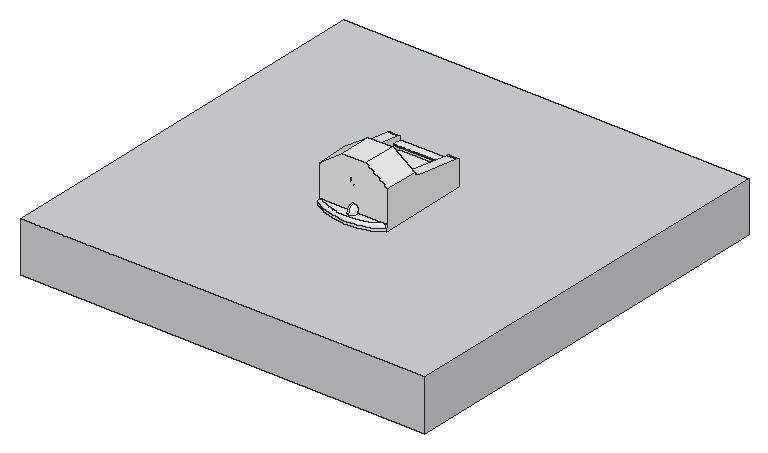
Revit family
Parameters (values of type "Vitreous_China-0-White")
  Width = 1' - 4 1/4"
  Waste Connection = yes
  WFU = 0
  Valve Pressure Drop = 0.00 psi
  URL = "http://www.us.kohler.com"
  Spud = Chrome-Kohler-CP-Polished
  Sanitary Radius = 1"
  Sanitary Diameter = Sanitary Radius * 2  # 2"
  Sanitary Connector = "Sanitary Connection"  # constant formula
  Product Page URL = "http://www.us.kohler.com/onlinecatalog/detail.jsp?prod_num=4989-T"
  Product Documentation Link = "http://www.us.kohler.com/onlinecatalog/pdf/114018_4.pdf"
  Model = "K-4989-T"  # constant formula
  Manufacturer = "Kohler"  # constant formula
  Length = 1' - 0 1/2"
  Height = 2' - 0"
  Flush Rate = 1 GPM
  Finish = Vitreous_China-Kohler-0-White
  Description = "Freshman™ urinal with top spud\r\n"  # constant formula
  Default Elevation = 0' - 0"
  Created By = "http://www.medialab3dstudio.com/"
  Cold Water Radius = 3/8"
  Cold Water Diameter = Cold Water Radius * 2  # 3/4"
  Cold Water Connector = "Cold Water Connection"  # constant formula
  CWFU = 0
  CW Connection = yes
  Assembly Code = "D2010110"
  Actual Valve Water Flow = 0 GPM
  ADA Compliant = no
Types (7): name | Product Documentation Link | Finish
  (no name) | "http://www.us.kohler.com/onlinecatalog/pdf/114018_4.pdf" | Vitreous_China-Kohler-0-White
  Vitreous_China-0-White | "http://www.us.kohler.com/onlinecatalog/pdf/114018_4.pdf" | Vitreous_China-Kohler-0-White
  Vitreous_China-7-Black_Black | "http://www.us.kohler.com/onlinecatalog/pdf/105115_4.pdf" | Vitreous_China-Kohler-7-Black_Black
  Vitreous_China-33-Mexican_Sand | "http://www.us.kohler.com/onlinecatalog/pdf/105115_4.pdf" | Vitreous_China-Kohler-33-Mexican_Sand
  Vitreous_China-47-Almond | "http://www.us.kohler.com/onlinecatalog/pdf/105115_4.pdf" | Vitreous_China-Kohler-47-Almond
  Vitreous_China-96-Biscuit | "http://www.us.kohler.com/onlinecatalog/pdf/105115_4.pdf" | Vitreous_China-Kohler-96-Biscuit
  Vitreous_China-G9-Sandbar | "http://www.us.kohler.com/onlinecatalog/pdf/105115_4.pdf" | Vitreous_China-Kohler-G9-Sandbar
Reference planes (in)
  plane 1 "Center (Top/Bottom)": y = 0
  plane 2 "Back": z = 0
  plane 3 "Center (Left/Right)": x = 0
  plane 4 "Left": x = -8.125
  plane 5 "Right": x = 8.125
  plane 6 "Top": y = 12
  plane 7 "Bottom": y = -12
  plane 8 "Front": z = 12.5
  plane 9: z = 5.25
  plane 10: y = -6.90803
  plane 11: z = 1.2357
  plane 12: x = 5.87649
  plane 13: x = -5.875
  plane 14: y = -9.05754
  plane 15: y = -1.14907
  plane 16: y = -8.93254
  plane 17: z = 1.1107
  plane 18: y = -9.53083
  plane 19: z = 0.125
  plane 20: z = -0.47546
  plane 21: z = 0.7357
  plane 22: z = 2.2357
  plane 23: y = -9.53083
  plane 24: y = -8.03083
  plane 25: y = 10.47692
  plane 26: z = 7.7244
  plane 27: y = -8.99504
  plane 28: z = 8.8309
  plane 29: z = 11.25
  plane 30: x = 2.49086
  plane 31: x = -2.49086
  plane 32: z = 8.87935
  plane 33: z = 3.25
  plane 34: z = 6.27374
  plane 35: z = 5.60836
  plane 36: z = 7.86672
  plane 37: y = 11.33462
  plane 38: z = 8.8309
  plane 39: z = 5.25
  plane 40: z = 5.25
  plane 41: z = 5
  plane 42: y = 11.75
  plane 43: z = 3.25
  plane 44: y = 10
  plane 45: z = 6.27374
  plane 46: z = 5.60836
  plane 47: z = 7.86672
  plane 48: z = 8.8309
  plane 49: y = 11.33462
  plane 50: z = 3.25
  plane 51: z = 8.87935
  plane 52: z = 11.25
  plane 53: x = 2.49086
  plane 54: x = -2.49086
  plane 55: y = -11.38562
  plane 56 "Center (Front/Back)": z = 6.3125
  plane 57: x = -1
  plane 58: x = 1
  plane 59: z = 2.2357
  plane 60: z = 7.71005
  plane 61: y = -11.41856
  plane 62: y = -10.47427
  plane 63: z = 2.25
  plane 64: y = 12.47546
  plane 65: y = 12.85558
  plane 66: y = 13.37833
  plane 67: x = 1
  plane 68: x = -1
  plane 69: z = -0.47546
  plane 70: x = -0.75
  plane 71: x = -0.5
  plane 72: x = -0.375
  plane 73: x = 0.375
  plane 74: x = 0.5
  plane 75: x = 0.75
  plane 76: z = 3
  plane 77: z = 2.75
  plane 78: z = 2.625
  plane 79: z = 1.5
  plane 80: z = 1.75
  plane 81: z = 1.875
  plane 82: x = 0.5
  plane 83: x = -0.5
  plane 84: x = 0.25
  plane 85: x = -0.25
  plane 86: z = 2.5
  plane 87: z = 2
  plane 88: z = 1.75
  plane 89: z = 2.75
  plane 90 "Floor": y = -26.78083
Forms (in)
  Extrusion 1, solid
    sketch origin (0, 0, 0) x (1, 0, 0) y (0, 1, 0)
      loop
        line (-48, 48) -> (-48, -48) -> (48, -48) -> (48, 48) -> (-48, 48)
    from 0 to -12
  Extrusion 2, solid, material "Vitreous_China-Kohler-0-White" <- "Finish"
    sketch origin (0, 0, 0) x (1, 0, 0) y (0, 0, 1)
      loop
        line (8.125, 5.25) -> (5.87649, 5.25) -> (5.87649, 3.25) -> (-5.875, 3.25) -> (-5.875, 5.25) -> (-8.125, 5.25) -> (-8.125, 0) -> (8.125, 0) -> (8.125, 5.25)
    from -12 to 9.05754
  Sweep 3, solid, material "Vitreous_China-Kohler-0-White" <- "Finish"
    path origin (0, 0, 0) x (1, 0, 0) y (0, 1, 0)
      loop
        line (-8.125, -9.05754) -> (-8.125, -9.55754)
        arc (-8.125, -9.55754) -> (0, -12) -> (8.125, -9.55754) r 14.73541
        line (8.125, -9.55754) -> (8.125, -9.05754)
    profile origin (0, -12, 0) x (0, 1, 0) y (0, 0, 1)
      loop
        line (0, 0) -> (0.61438, 0) -> (0.61438, 1.2357)
        arc (0.61438, 1.2357) -> (0.17995, 1.05575) -> (0, 0.62132) r 0.61438
        line (0, 0.62132) -> (0, 0)
  Extrusion 4, solid, material "Vitreous_China-Kohler-0-White" <- "Finish"
    sketch origin (0, 0, 0) x (0, 1, 0) y (0, 0, 1)
      loop
        line (12, 5.25) -> (12, 5.60836)
        arc (12, 5.60836) -> (11.80512, 6.07886) -> (11.33462, 6.27374) r 0.66538
        line (11.33462, 6.27374) -> (0, 7.86672)
        arc (0, 7.86672) -> (-0.71277, 8.18406) -> (-1.14907, 8.8309) r 1.41531
        line (-1.14907, 8.8309) -> (-1.14907, 5.25) -> (12, 5.25)
    from 5.87649 to 8.125
  Extrusion 5, solid, material "Vitreous_China-Kohler-0-White" <- "Finish"
    sketch origin (0, 0, 0) x (1, 0, 0) y (0, 0, 1)
      loop
        line (8.125, 5.25) -> (8.125, 8.8309) -> (2.88498, 12.5) -> (-2.88498, 12.5) -> (-8.125, 8.8309) -> (-8.125, 5.25) -> (-5.875, 5.25) -> (-5.875, 8.87935) -> (-2.49086, 11.25) -> (2.49086, 11.25) -> (5.87649, 8.87935) -> (5.87649, 5.25) -> (8.125, 5.25)
    from 1.14907 to 9.05754
  Extrusion 6, solid, material "Vitreous_China-Kohler-0-White" <- "Finish"
    sketch origin (0, 0, 0) x (0, 1, 0) y (0, 0, 1)
      loop
        line (12, 5.25) -> (12, 5.60836)
        arc (12, 5.60836) -> (11.80512, 6.07886) -> (11.33462, 6.27374) r 0.66538
        line (11.33462, 6.27374) -> (0, 7.86672)
        arc (0, 7.86672) -> (-0.71277, 8.18406) -> (-1.14907, 8.8309) r 1.41531
        line (-1.14907, 8.8309) -> (-1.14907, 5.25) -> (12, 5.25)
    from -8.125 to -5.875
  Extrusion 7, solid, material "Vitreous_China-Kohler-0-White" <- "Finish"
    sketch origin (0, 0, 0) x (1, 0, 0) y (0, 0, 1)
      loop
        line (2.49086, 11.25) -> (-2.49086, 11.25) -> (-5.875, 8.87935) -> (-5.875, 3.25) -> (5.87649, 3.25) -> (5.87649, 8.87935) -> (2.49086, 11.25)
    from 8.93254 to 9.05754
  Extrusion 8, solid, material "Vitreous_China-Kohler-0-White" <- "Finish"
    sketch origin (0, 0, 0) x (0, 1, 0) y (0, 0, 1)
      loop
        line (12, 3.25) -> (12, 5.25) -> (10, 5.25) -> (10, 5) -> (11.75, 5) -> (11.75, 3.25) -> (12, 3.25)
    from -5.875 to 5.87649
  Extrusion 9, solid, material "Vitreous_China-Kohler-0-White" <- "Finish"
    sketch origin (0, 0, 0) x (1, 0, 0) y (0, 1, 0)
      loop
        arc (-7.51062, -9.2226) -> (0, -11.38562) -> (7.51062, -9.2226) r 14.12103
        line (7.51062, -9.2226) -> (7.51062, -9.05754) -> (-7.51062, -9.05754) -> (-7.51062, -9.2226)
    from 1.1107 to 1.2357
  Sweep 10, solid, material "Chrome-Kohler-CP-Polished" <- "Spud"
    path origin (0, -0.47328, -0.5) x (0, 1, 0) y (0, 0, 1)
      loop
        line (-9.05754, 0.02454) -> (-9.05754, 1.2357)
        arc (-9.05754, 1.2357) -> (-8.6182, 2.29636) -> (-7.55754, 2.7357) r 1.5
    profile origin (0, -9.53083, 0.13012) x (0, -1, 0) y (1, 0, 0)
      loop
        arc (0, -1) -> (0.70711, -0.70711) -> (1, 0) r 1
        arc (1, 0) -> (0.70711, 0.70711) -> (0, 1) r 1
        arc (0, 1) -> (-0.70711, 0.70711) -> (-1, 0) r 1
        arc (-1, 0) -> (-0.70711, -0.70711) -> (0, -1) r 1
  Extrusion 11, solid, material "Vitreous_China-Kohler-0-White" <- "Finish"
    sketch origin (0, 0, 0) x (1, 0, 0) y (0, 1, 0)
      loop
        line (-7.51062, -9.05754) -> (-7.51062, -9.2226)
        arc (-7.51062, -9.2226) -> (0, -11.38562) -> (7.51062, -9.2226) r 14.12103
        line (7.51062, -9.2226) -> (7.51062, -9.05754) -> (-7.51062, -9.05754)
    from 0 to 0.125
  Extrusion 12, void
    sketch origin (0, 0, 0) x (1, 0, 0) y (0, 0, 1)
      loop
        arc (0.75, 7.7244) -> (0.53033, 8.25473) -> (0, 8.4744) r 0.75
        arc (0, 8.4744) -> (-0.53033, 8.25473) -> (-0.75, 7.7244) r 0.75
        arc (-0.75, 7.7244) -> (-0.53033, 7.19407) -> (0, 6.9744) r 0.75
        arc (0, 6.9744) -> (0.53033, 7.19407) -> (0.75, 7.7244) r 0.75
    from 8.93254 to 8.99504
  Extrusion 13, solid, material "Chrome-Kohler-CP-Polished" <- "Spud"
    sketch origin (0, 12, -8.22692) x (1, 0, 0) y (0, 0, 1)
      loop
        arc (-0.375, 10.47692) -> (-0.26517, 10.21175) -> (0, 10.10192) r 0.375
        arc (0, 10.10192) -> (0.26517, 10.21175) -> (0.375, 10.47692) r 0.375
        arc (0.375, 10.47692) -> (0.26517, 10.74208) -> (0, 10.85192) r 0.375
        arc (0, 10.85192) -> (-0.26517, 10.74208) -> (-0.375, 10.47692) r 0.375
    from -1.37833 to -0.85558
  Extrusion 14, solid, material "Chrome-Kohler-CP-Polished" <- "Spud"
    sketch origin (0, 12, -8.22692) x (1, 0, 0) y (0, 0, 1)
      loop
        line (0.25, 10.97692) -> (-0.25, 10.97692) -> (-0.5, 10.72692) -> (-0.5, 10.22692) -> (-0.25, 9.97692) -> (0.25, 9.97692) -> (0.5, 10.22692) -> (0.5, 10.72692) -> (0.25, 10.97692)
    from -0.85558 to -0.47546
  Extrusion 15, solid, material "Chrome-Kohler-CP-Polished" <- "Spud"
    sketch origin (0, 12, -8.22692) x (1, 0, 0) y (0, 0, 1)
      loop
        arc (-0.75, 10.47692) -> (-0.53033, 9.94659) -> (0, 9.72692) r 0.75
        arc (0, 9.72692) -> (0.53033, 9.94659) -> (0.75, 10.47692) r 0.75
        arc (0.75, 10.47692) -> (0.53033, 11.00725) -> (0, 11.22692) r 0.75
        arc (0, 11.22692) -> (-0.53033, 11.00725) -> (-0.75, 10.47692) r 0.75
    from -0.47546 to 0
Cuts and joins
  Extrusion 12 cuts Extrusion 7
  joined: Extrusion 2, Sweep 3, Extrusion 4, Extrusion 5, Extrusion 6, Extrusion 7, Extrusion 8, Extrusion 9, Extrusion 11
Lines and regions (in)
  Masking region 1, detail levels coarse
    outline origin (0, 0, 0) x (1, 0, 0) y (0, 1, 0)
      loop
        line (-8.125, 12) -> (-8.125, -12) -> (8.125, -12) -> (8.125, 12) -> (-8.125, 12)
  Masking region 2, detail levels medium+fine
    outline origin (0, 0, 6.3125) x (1, 0, 0) y (0, 1, 0)
      loop
        line (-8.125, 12) -> (-8.125, -9.55754)
        arc (-8.125, -9.55754) -> (0, -12) -> (8.125, -9.55754) r 14.73541
        line (8.125, -9.55754) -> (8.125, 12) -> (0.75, 12) -> (0.75, 12.47546) -> (0.5, 12.47546) -> (0.5, 12.85558) -> (0.375, 12.85558) -> (0.375, 13.37833) -> (-0.375, 13.37833) -> (-0.375, 12.85558) -> (-0.5, 12.85558) -> (-0.5, 12.47546) -> (-0.75, 12.47546) -> (-0.75, 12) -> (-8.125, 12)
  Masking region 3, detail levels fine
    outline origin (0, 0, 12.5) x (0, -1, 0) y (1, 0, 0)
      loop
        line (-10, -5.875) -> (1.14907, -5.875) -> (1.14907, 5.87649) -> (-10, 5.87649) -> (-10, -5.875)
  Masking region 4, detail levels coarse
    outline origin (0, 0, 0) x (1, 0, 0) y (0, 0, 1)
      loop
        line (-8.125, 12.5) -> (-8.125, 0) -> (8.125, 0) -> (8.125, 12.5) -> (-8.125, 12.5)
  Masking region 5, detail levels medium+fine
    outline origin (0, 0, 0) x (1, 0, 0) y (0, 0, 1)
      loop
        line (-8.125, 8.8309) -> (-8.125, 0) -> (-1, 0) -> (-1, -0.47546) -> (1, -0.47546) -> (1, 0) -> (8.125, 0) -> (8.125, 8.8309) -> (2.88498, 12.5) -> (-2.88498, 12.5) -> (-8.125, 8.8309)
  Masking region 6, detail levels fine
    outline origin (0, -12, 0) x (1, 0, 0) y (0, 0, 1)
      loop
        line (8.125, 0) -> (8.125, 0.62132)
        arc (8.125, 0.62132) -> (7.94505, 1.05575) -> (7.51062, 1.2357) r 0.61438
        line (7.51062, 1.2357) -> (-7.51062, 1.2357)
        arc (-7.51062, 1.2357) -> (-7.94505, 1.05575) -> (-8.125, 0.62132) r 0.61438
        line (-8.125, 0.62132) -> (-8.125, 0) -> (8.125, 0)
  Masking region 7, detail levels fine
    outline origin (0, -12, 0) x (1, 0, 0) y (0, 0, 1)
      loop
        line (-1, 2.2357) -> (-1, 1.2357) -> (1, 1.2357) -> (1, 2.2357)
        arc (1, 2.2357) -> (0.70711, 2.94281) -> (0, 3.2357) r 1
        arc (0, 3.2357) -> (-0.70711, 2.94281) -> (-1, 2.2357) r 1
  Masking region 8, detail levels fine
    outline origin (0, 12, 0) x (1, 0, 0) y (0, 0, 1)
      loop
        line (-5.875, 8.87935) -> (-5.875, 5.25) -> (5.87649, 5.25) -> (5.87649, 8.87935) -> (2.49086, 11.25) -> (-2.49086, 11.25) -> (-5.875, 8.87935)
  Masking region 9, detail levels fine
    outline origin (0, 12, 0) x (1, 0, 0) y (0, 0, 1)
      loop
        arc (0.75, 7.71005) -> (0.53033, 8.24038) -> (0, 8.46005) r 0.75
        arc (0, 8.46005) -> (-0.53033, 8.24038) -> (-0.75, 7.71005) r 0.75
        arc (-0.75, 7.71005) -> (-0.53033, 7.17972) -> (0, 6.96005) r 0.75
        arc (0, 6.96005) -> (0.53033, 7.17972) -> (0.75, 7.71005) r 0.75
  Masking region 10, detail levels coarse
    outline origin (0, 0, 0) x (0, 1, 0) y (0, 0, 1)
      loop
        line (-12, 12.5) -> (-12, 0) -> (12, 0) -> (12, 12.5) -> (-12, 12.5)
  Masking region 11, detail levels medium+fine
    outline origin (0, 0, 0) x (0, 1, 0) y (0, 0, 1)
      loop
        line (-1.14907, 12.5) -> (-9.05754, 12.5) -> (-9.05754, 3)
        arc (-9.05754, 3) -> (-9.98821, 2.29636) -> (-10.47427, 1.2357) r 2.38733
        line (-10.47427, 1.2357) -> (-11.41856, 1.2357)
        arc (-11.41856, 1.2357) -> (-11.8297, 1.0654) -> (-12, 0.65426) r 0.58144
        line (-12, 0.65426) -> (-12, 0) -> (12, 0) -> (12, 1.5) -> (12.47546, 1.5) -> (12.47546, 1.75) -> (12.85558, 1.75) -> (12.85558, 1.875) -> (13.37833, 1.875) -> (13.37833, 2.625) -> (12.85558, 2.625) -> (12.85558, 2.75) -> (12.47546, 2.75) -> (12.47546, 3) -> (12, 3) -> (12, 5.60836)
        arc (12, 5.60836) -> (11.80512, 6.07886) -> (11.33462, 6.27374) r 0.66538
        line (11.33462, 6.27374) -> (0, 7.86672)
        arc (0, 7.86672) -> (-0.71277, 8.18406) -> (-1.14907, 8.8309) r 1.41531
        line (-1.14907, 8.8309) -> (-1.14907, 12.5)
  Masking region 12, detail levels fine
    outline origin (0, 0, 0) x (1, 0, 0) y (0, 1, 0)
      loop
        arc (0, -10.53083) -> (0.70711, -10.23793) -> (1, -9.53083) r 1
        arc (1, -9.53083) -> (0.70711, -8.82372) -> (0, -8.53083) r 1
        arc (0, -8.53083) -> (-0.70711, -8.82372) -> (-1, -9.53083) r 1
        arc (-1, -9.53083) -> (-0.70711, -10.23793) -> (0, -10.53083) r 1
  Masking region 13, detail levels fine
    outline origin (0, 12, 0) x (1, 0, 0) y (0, 0, 1)
      loop
        arc (0, 2.625) -> (-0.26517, 2.51517) -> (-0.375, 2.25) r 0.375
        arc (-0.375, 2.25) -> (-0.26517, 1.98483) -> (0, 1.875) r 0.375
        arc (0, 1.875) -> (0.26517, 1.98483) -> (0.375, 2.25) r 0.375
        arc (0.375, 2.25) -> (0.26517, 2.51517) -> (0, 2.625) r 0.375
      loop
        line (0.5, 2) -> (0.5, 2.5) -> (0.25, 2.75) -> (-0.25, 2.75) -> (-0.5, 2.5) -> (-0.5, 2) -> (-0.25, 1.75) -> (0.25, 1.75) -> (0.5, 2)
      loop
        arc (0.75, 2.25) -> (0.53033, 2.78033) -> (0, 3) r 0.75
        arc (0, 3) -> (-0.53033, 2.78033) -> (-0.75, 2.25) r 0.75
        arc (-0.75, 2.25) -> (-0.53033, 1.71967) -> (0, 1.5) r 0.75
        arc (0, 1.5) -> (0.53033, 1.71967) -> (0.75, 2.25) r 0.75
  symbolic lines, style "Masking Lines", detail levels fine
    curve 1: line (-8.125, -8.99504, 12.5) -> (8.125, -8.99504, 12.5)
    curve 2: line (-2.88498, -1.14907, 12.5) -> (-2.88498, -8.99504, 12.5)
    curve 3: line (2.88498, -1.14907, 12.5) -> (2.88498, -8.99504, 12.5)
    curve 4: line (-5.875, -1.14907, 12.5) -> (-8.125, -1.14907, 12.5)
    curve 5: line (5.87649, -1.14907, 12.5) -> (8.125, -1.14907, 12.5)
    curve 6: line (-8.125, 11.33462, 12.5) -> (-5.875, 11.33462, 12.5)
    curve 7: line (5.87649, 11.33462, 12.5) -> (8.125, 11.33462, 12.5)
    curve 8: line (-5.875, 10, 12.5) -> (-5.875, 12, 12.5)
    curve 9: line (5.87649, 10, 12.5) -> (5.87649, 12, 12.5)
    curve 10: line (-5.875, 12, 6.3125) -> (-8.125, 12, 6.3125)
    curve 11: line (5.87649, 12, 6.3125) -> (8.125, 12, 6.3125)
    curve 12: line (0, -9.05754, 11.25) -> (0, -1.14907, 11.25)
    curve 13: line (0, -9.05754, 8.8309) -> (0, -1.14907, 8.8309)
    curve 14: line (0, -10.47427, 1.2357) -> (0, -9.05754, 1.2357)
    curve 15: line (0, -9.05754, 3) -> (0, -9.05754, 0)
    curve 16: line (-0.375, 12.85558, 0) -> (0.375, 12.85558, 0)
    curve 17: line (-0.5, 12.47546, 0) -> (0.5, 12.47546, 0)
    curve 18: line (-0.75, 12, 0) -> (0.75, 12, 0)
    curve 19: line (-0.25, 12.85558, 0) -> (-0.25, 12.47546, 0)
    curve 20: line (0.25, 12.85558, 0) -> (0.25, 12.47546, 0)
    curve 21: line (0, 12, 3) -> (0, 12, 1.5)
    curve 22: line (0, 12.47546, 2.75) -> (0, 12.47546, 1.75)
    curve 23: line (0, 12.47546, 2.5) -> (0, 12.85558, 2.5)
    curve 24: line (0, 12.47546, 2) -> (0, 12.85558, 2)
    curve 25: line (0, 12.85558, 2.625) -> (0, 12.85558, 1.875)
Dimensions and locks (in)
  "Length": plane 8 "Front" to plane 2 "Back"
  equal spacing: plane 7 "Bottom", plane 1 "Center (Top/Bottom)", plane 6 "Top"
  "Height": plane 7 "Bottom" to plane 6 "Top"
  equal spacing: plane 4 "Left", plane 3 "Center (Left/Right)", plane 5 "Right"
  "Width": plane 4 "Left" to plane 5 "Right"
  locked: plane 7 "Bottom" to plane 18 at 2.46917
  plane 20 to plane 19 to plane 21 to plane 22 = 0' - 0.60046" locked, 0' - 0.6107" locked, 0' - 1 1/2" locked
  plane 7 "Bottom" to plane 23 to plane 24 = 0' - 2.46917" locked, 0' - 1 1/2" locked
  locked: plane 26 to plane 8 "Front" at 4.7756
  locked: plane 5 "Right" to plane 30 at 5.63414
  locked: plane 4 "Left" to plane 31 at 5.63414
  plane 28 to plane 32 to plane 29 to plane 8 "Front" = 0' - 0.04846" locked, 0' - 2.37065" locked, 0' - 1 1/4" locked
  locked: plane 2 "Back" to plane 33 at 3.25
  plane 2 "Back" to plane 35 to plane 34 to plane 36 to plane 38 = 0' - 5.60836" locked, 0' - 0.66538" locked, 0' - 1.59298" locked, 0' - 0.96418" locked
  locked: plane 6 "Top" to plane 37 at 0.66538
  locked: plane 39 to plane 8 "Front" at 7.25
  plane 40 to plane 41 to plane 2 "Back" = 0' - 0 1/4" locked, 0' - 5" locked
  plane 6 "Top" to plane 42 to plane 44 = 0' - 0 1/4" locked, 0' - 1 3/4" locked
  plane 2 "Back" to plane 46 to plane 45 to plane 47 to plane 48 = 0' - 5.60836" locked, 0' - 0.66538" locked, 0' - 1.59298" locked, 0' - 0.96418" locked
  locked: plane 6 "Top" to plane 49 at 0.66538
  locked: plane 5 "Right" to plane 53 at 5.63414
  locked: plane 54 to plane 4 "Left" at 5.63414
  plane 50 to plane 51 to plane 52 to plane 8 "Front" = 0' - 5.62935" locked, 0' - 2.37065" locked, 0' - 1 1/4" locked
  locked: plane 55 to plane 7 "Bottom" at 0.61438
  plane 5 "Right" to plane 12 = 0' - 2.24851"
  plane 7 "Bottom" to plane 14 to plane 16 = 0' - 2.94246" locked, 0' - 0 1/8" locked
  locked: plane 2 "Back" to plane 19 at 0.125
  locked: plane 17 to plane 11 at 0.125
  locked: plane 25 to plane 6 "Top" at 1.52308
  locked: plane 7 "Bottom" to plane 10 at 5.09197
  locked: plane 2 "Back" to plane 9 at 5.25
  locked: plane 59 to plane 2 "Back" at 2.2357
  locked: plane 5 "Right" to plane 58 at 7.125
  locked: plane 57 to plane 4 "Left" at 7.125
  locked: plane 60 to plane 8 "Front" at 4.78995
  plane 7 "Bottom" to plane 61 to plane 62 = 0' - 0.58144" locked, 0' - 0.94429" locked
  locked: plane 2 "Back" to plane 63 at 2.25
  plane 6 "Top" to plane 64 to plane 65 to plane 66 = 0' - 0.47546" locked, 0' - 0.38012" locked, 0' - 0.52275" locked
  locked: plane 69 to plane 2 "Back" at 0.47546
  locked: plane 5 "Right" to plane 67 at 7.125
  locked: plane 4 "Left" to plane 68 at 7.125
  plane 4 "Left" to plane 70 to plane 71 to plane 72 = 0' - 7 3/8" locked, 0' - 0 1/4" locked, 0' - 0 1/8" locked
  plane 73 to plane 74 to plane 75 to plane 5 "Right" = 0' - 0 1/8" locked, 0' - 0 1/4" locked, 0' - 7 3/8" locked
  plane 81 to plane 80 to plane 79 to plane 2 "Back" = 0' - 0 1/8" locked, 0' - 0 1/4" locked, 0' - 1 1/2" locked
  plane 8 "Front" to plane 76 to plane 77 to plane 78 = 0' - 9 1/2" locked, 0' - 0 1/4" locked, 0' - 0 1/8" locked
  plane 84 to plane 82 to plane 5 "Right" = 0' - 0 1/4" locked, 0' - 7 5/8" locked
  plane 4 "Left" to plane 83 to plane 85 = 0' - 7 5/8" locked, 0' - 0 1/4" locked
  plane 2 "Back" to plane 88 to plane 87 = 0' - 1 3/4" locked, 0' - 0 1/4" locked
  plane 86 to plane 89 to plane 8 "Front" = 0' - 0 1/4" locked, 0' - 9 3/4" locked
  aligned and locked: plane 2 "Back" to Extrusion 1
  aligned and locked: level to Extrusion 1
  aligned and locked: Extrusion 2 to plane 6 "Top"
  aligned and locked: plane 12 to Extrusion 4
  aligned and locked: plane 5 "Right" to Extrusion 4
  aligned and locked: plane 12 to Extrusion 2
  aligned and locked: Extrusion 2 to plane 13
  aligned and locked: Extrusion 5 to plane 15
  aligned and locked: plane 14 to Extrusion 5
  aligned and locked: plane 14 to Extrusion 2
  aligned and locked: Extrusion 6 to plane 4 "Left"
  aligned and locked: Extrusion 6 to plane 13
  aligned and locked: plane 14 to Extrusion 7
  aligned and locked: plane 16 to Extrusion 7
  aligned and locked: Extrusion 9 sketch curve to Sweep 3  (x3)
  aligned and locked: Extrusion 9 to plane 11
  aligned and locked: plane 17 to Extrusion 9
  aligned and locked: plane 18 to Sweep 10 sketch curve  (x2)
  aligned and locked: plane 3 "Center (Left/Right)" to Sweep 10 sketch curve  (x2)
  aligned and locked: Extrusion 11 sketch curve to cut or joined group 1 (Extrusion 2, Sweep 3, Extrusion 4, Extrusion 5, Extrusion 6, Extrusion 7, Extrusion 8, Extrusion 9, Extrusion 11, Extrusion 12)  (x3)
  aligned and locked: Extrusion 11 to plane 19
  aligned and locked: Extrusion 11 to plane 2 "Back"
  aligned and locked: Sweep 10 sketch curve to plane 23
  aligned and locked: plane 23 to Sweep 10 sketch curve
  aligned and locked: plane 24 to Sweep 10 sketch curve
  aligned and locked: plane 22 to Sweep 10 sketch curve
  aligned and locked: plane 21 to Sweep 10 sketch curve
  aligned and locked: plane 20 to Sweep 10 sketch curve
  aligned and locked: plane 3 "Center (Left/Right)" to Extrusion 12 sketch curve  (x2)
  aligned and locked: plane 26 to Extrusion 12 sketch curve  (x2)
  aligned and locked: plane 27 to Extrusion 12
  aligned and locked: plane 16 to Extrusion 12
  aligned and locked: Extrusion 5 sketch curve to plane 8 "Front"
  aligned and locked: plane 28 to Extrusion 5 sketch curve  (x2)
  aligned and locked: plane 32 to Extrusion 5 sketch curve  (x2)
  aligned and locked: Extrusion 5 sketch curve to plane 5 "Right"
  aligned and locked: Extrusion 5 sketch curve to plane 12
  aligned and locked: plane 13 to Extrusion 5 sketch curve
  aligned and locked: plane 4 "Left" to Extrusion 5 sketch curve
  aligned and locked: Extrusion 5 sketch curve to plane 9  (x2)
  aligned and locked: plane 5 "Right" to Extrusion 2 sketch curve
  aligned and locked: Extrusion 2 sketch curve to plane 12
  aligned and locked: Extrusion 2 sketch curve to plane 4 "Left"
  aligned and locked: Extrusion 2 sketch curve to plane 9
  aligned and locked: plane 9 to Extrusion 2 sketch curve
  aligned and locked: Extrusion 2 sketch curve to plane 2 "Back"
  aligned and locked: plane 12 to Extrusion 2 sketch curve
  aligned and locked: plane 13 to Extrusion 2 sketch curve
  aligned and locked: Extrusion 2 sketch curve to plane 33
  aligned and locked: Extrusion 4 sketch curve to plane 9
  aligned and locked: plane 35 to Extrusion 4 sketch curve
  aligned and locked: plane 34 to Extrusion 4 sketch curve
  aligned and locked: plane 36 to Extrusion 4 sketch curve
  aligned and locked: plane 38 to Extrusion 4 sketch curve
  aligned and locked: plane 6 "Top" to Extrusion 4 sketch curve  (x2)
  aligned and locked: plane 37 to Extrusion 4 sketch curve
  aligned and locked: Extrusion 4 sketch curve to plane 15
  aligned and locked: plane 1 "Center (Top/Bottom)" to Extrusion 4 sketch curve
  aligned and locked: plane 39 to Extrusion 6 sketch curve
  aligned and locked: Extrusion 8 sketch curve to plane 40
  aligned and locked: Extrusion 8 sketch curve to plane 41
  aligned and locked: plane 6 "Top" to Extrusion 8 sketch curve
  aligned and locked: Extrusion 8 sketch curve to plane 44
  aligned and locked: plane 43 to Extrusion 8 sketch curve
  aligned and locked: Extrusion 6 sketch curve to plane 15
  aligned and locked: plane 1 "Center (Top/Bottom)" to Extrusion 6 sketch curve
  aligned and locked: plane 48 to Extrusion 6 sketch curve
  aligned and locked: plane 47 to Extrusion 6 sketch curve
  aligned and locked: plane 45 to Extrusion 6 sketch curve
  aligned and locked: plane 46 to Extrusion 6 sketch curve
  aligned and locked: plane 6 "Top" to Extrusion 6 sketch curve  (x2)
  aligned and locked: plane 49 to Extrusion 6 sketch curve
  aligned and locked: plane 52 to Extrusion 7 sketch curve
  aligned and locked: plane 51 to Extrusion 7 sketch curve  (x2)
  aligned and locked: plane 50 to Extrusion 7 sketch curve
  aligned and locked: Extrusion 7 sketch curve to plane 12
  aligned and locked: plane 53 to Extrusion 7 sketch curve
  aligned and locked: plane 54 to Extrusion 7 sketch curve
  aligned and locked: plane 13 to Extrusion 7 sketch curve  (x2)
  aligned and locked: plane 14 to Sweep 3 sketch curve  (x2)
  aligned and locked: plane 4 "Left" to Sweep 3 sketch curve  (x2)
  aligned and locked: plane 5 "Right" to Sweep 3 sketch curve  (x2)
  aligned and locked: plane 11 to Sweep 3 sketch curve
  aligned and locked: plane 7 "Bottom" to Sweep 3 sketch curve  (x2)
  aligned and locked: Sweep 3 sketch curve to plane 2 "Back"
  aligned and locked: plane 55 to Sweep 3 sketch curve
  aligned and locked: Sweep 3 sketch curve to plane 55
  aligned and locked: plane 4 "Left" to Masking region 1 sketch curve
  aligned and locked: plane 6 "Top" to Masking region 1 sketch curve
  aligned and locked: Masking region 1 sketch curve to plane 5 "Right"
  aligned and locked: Masking region 1 sketch curve to plane 7 "Bottom"
  aligned and locked: Masking region 2 sketch curve to cut or joined group 1  (x3)
  aligned and locked: Masking region 3 sketch curve to cut or joined group 1  (x3)
  aligned and locked: cut or joined group 1 to Masking region 3 sketch curve
  aligned and locked: plane 8 "Front" to Masking region 4 sketch curve
  aligned and locked: plane 4 "Left" to Masking region 4 sketch curve
  aligned and locked: Masking region 4 sketch curve to plane 5 "Right"
  aligned and locked: plane 2 "Back" to Masking region 4 sketch curve
  aligned and locked: Masking region 5 sketch curve to cut or joined group 1  (x5)
  aligned and locked: Masking region 6 sketch curve to cut or joined group 1  (x3)
  aligned and locked: Masking region 6 sketch curve to Masking region 5
  aligned and locked: Masking region 7 sketch curve to Sweep 10  (x2)
  aligned and locked: plane 11 to Masking region 7 sketch curve
  aligned and locked: plane 58 to Masking region 7 sketch curve
  aligned and locked: plane 59 to Masking region 7 sketch curve  (x2)
  aligned and locked: Masking region 5 sketch curve to plane 2 "Back"  (x2)
  aligned and locked: Masking region 8 sketch curve to cut or joined group 1  (x6)
  aligned and locked: plane 56 "Center (Front/Back)" to curve 11
  aligned and locked: curve 10 to plane 56 "Center (Front/Back)"
  aligned and locked: plane 13 to curve 10
  aligned and locked: plane 4 "Left" to curve 10
  aligned and locked: plane 12 to curve 11
  aligned and locked: plane 5 "Right" to curve 11
  aligned and locked: plane 3 "Center (Left/Right)" to Masking region 9 sketch curve  (x2)
  aligned and locked: plane 60 to Masking region 9 sketch curve  (x2)
  aligned and locked: plane 8 "Front" to Masking region 10 sketch curve
  aligned and locked: Masking region 10 sketch curve to plane 7 "Bottom"
  aligned and locked: plane 2 "Back" to Masking region 10 sketch curve
  aligned and locked: plane 6 "Top" to Masking region 10 sketch curve
  aligned and locked: Masking region 11 sketch curve to cut or joined group 1  (x5)
  aligned and locked: cut or joined group 1 to Masking region 11 sketch curve
  aligned and locked: plane 14 to Masking region 11 sketch curve  (x2)
  aligned and locked: plane 2 "Back" to Masking region 11 sketch curve
  aligned and locked: Masking region 11 sketch curve to plane 7 "Bottom"
  aligned and locked: plane 61 to Masking region 11 sketch curve
  aligned and locked: plane 7 "Bottom" to Masking region 11 sketch curve
  aligned and locked: plane 62 to Masking region 11 sketch curve
  aligned and locked: Masking region 11 sketch curve to plane 11
  aligned and locked: plane 11 to Masking region 11 sketch curve
  aligned and locked: plane 6 "Top" to Extrusion 15
  aligned and locked: plane 64 to Extrusion 15
  aligned and locked: plane 65 to Extrusion 14
  aligned and locked: plane 66 to Extrusion 13
  aligned and locked: plane 69 to Masking region 5 sketch curve
  aligned and locked: plane 67 to Masking region 5 sketch curve
  aligned and locked: plane 68 to Masking region 5 sketch curve
  aligned and locked: Masking region 12 sketch curve to Sweep 10  (x4)
  aligned and locked: Masking region 2 sketch curve to plane 6 "Top"
  aligned and locked: plane 6 "Top" to Masking region 2 sketch curve
  aligned and locked: plane 64 to Masking region 2 sketch curve
  aligned and locked: Masking region 2 sketch curve to plane 64
  aligned and locked: plane 65 to Masking region 2 sketch curve
  aligned and locked: Masking region 2 sketch curve to plane 65
  aligned and locked: Masking region 2 sketch curve to plane 66
  aligned and locked: plane 70 to Masking region 2 sketch curve
  aligned and locked: plane 71 to Masking region 2 sketch curve
  aligned and locked: plane 72 to Masking region 2 sketch curve
  aligned and locked: plane 73 to Masking region 2 sketch curve
  aligned and locked: plane 74 to Masking region 2 sketch curve
  aligned and locked: plane 75 to Masking region 2 sketch curve
  aligned and locked: plane 6 "Top" to Masking region 11 sketch curve
  aligned and locked: Masking region 11 sketch curve to plane 64  (x2)
  aligned and locked: Masking region 11 sketch curve to plane 65
  aligned and locked: plane 65 to Masking region 11 sketch curve
  aligned and locked: Masking region 11 sketch curve to plane 66
  aligned and locked: plane 79 to Masking region 11 sketch curve
  aligned and locked: plane 80 to Masking region 11 sketch curve
  aligned and locked: plane 81 to Masking region 11 sketch curve
  aligned and locked: Masking region 11 sketch curve to plane 78
  aligned and locked: Masking region 11 sketch curve to plane 77
  aligned and locked: Masking region 11 sketch curve to plane 76
  aligned and locked: Masking region 13 sketch curve to Extrusion 13  (x4)
  aligned and locked: Masking region 13 sketch curve to Extrusion 14  (x8)
  aligned and locked: Masking region 13 sketch curve to Extrusion 15  (x4)
  aligned and locked: plane 3 "Center (Left/Right)" to Extrusion 13 sketch curve  (x2)
  aligned and locked: plane 63 to Extrusion 13 sketch curve  (x2)
  aligned and locked: plane 3 "Center (Left/Right)" to Extrusion 15 sketch curve  (x2)
  aligned and locked: plane 63 to Extrusion 15 sketch curve  (x2)
  aligned and locked: Extrusion 14 sketch curve to plane 82
  aligned and locked: plane 84 to Extrusion 14 sketch curve  (x2)
  aligned and locked: plane 85 to Extrusion 14 sketch curve  (x2)
  aligned and locked: Extrusion 14 sketch curve to plane 83
  aligned and locked: plane 89 to Extrusion 14 sketch curve
  aligned and locked: plane 86 to Extrusion 14 sketch curve  (x2)
  aligned and locked: plane 87 to Extrusion 14 sketch curve  (x2)
  aligned and locked: plane 88 to Extrusion 14 sketch curve
Automatic sketch dimensions
  curve 6 to curve 7 = 1' - 2.00149"
  curve 2 to curve 3 = 0' - 5.76996"  (x2)
  curve 4 to curve 2 = 0' - 2.99002"  (x2)
  curve 3 to curve 5 = 0' - 2.99151"  (x2)
  curve 2 to curve 2 = 0' - 7.84598"
  curve 4 to curve 1 = 0' - 7.84598"
  curve 6 to curve 6 = 0' - 2 1/4"
  curve 4 to curve 4 = 0' - 2 1/4"
  curve 6 to curve 7 = 0' - 11.75149"
  curve 5 to curve 5 = 0' - 2.24851"
  curve 7 to curve 7 = 0' - 2.24851"
  curve 3 to curve 1 = 0' - 5.24002"
  curve 8 to curve 9 = 0' - 11.75149"
  curve 8 to curve 6 = 0' - 0.66538"  (x2)
  curve 6 to curve 8 = 0' - 1.33462"
  curve 7 to curve 9 = 0' - 1.33462"
  curve 9 to curve 5 = 0' - 11.37354"
  curve 6 to curve 4 = 1' - 0.48369"
  Extrusion 1 sketch curve to Extrusion 1 sketch curve = 8' - 0"  (x2)
  Sweep 3 sketch curve to plane 3 "Center (Left/Right)" = 0' - 0"
  Sweep 3 sketch curve to Sweep 3 sketch curve = 0' - 0 1/2"
  Sweep 3 sketch curve to plane 1 "Center (Top/Bottom)" = 0' - 2.73541"
  Extrusion 4 sketch curve to plane 1 "Center (Top/Bottom)" = 0' - 0.19697"
  Extrusion 5 sketch curve to plane 29 = 0' - 0"
  plane 31 to Extrusion 5 sketch curve = 0' - 0"
  plane 30 to Extrusion 5 sketch curve = 0' - 0"
  plane 31 to Extrusion 5 sketch curve = 0' - 0.39412"
  Extrusion 5 sketch curve to plane 30 = 0' - 0.39412"
  Extrusion 6 sketch curve to plane 1 "Center (Top/Bottom)" = 0' - 0.19697"
  Extrusion 8 sketch curve to plane 42 = 0' - 0"
  plane 14 to Extrusion 9 sketch curve = 0' - 0"
  Sweep 10 sketch curve to Sweep 10 sketch curve = 0' - 1"
  plane 14 to Extrusion 11 sketch curve = 0' - 0"
  Extrusion 12 sketch curve to Extrusion 12 sketch curve = 0' - 0 3/4"
  Masking region 9 sketch curve to Masking region 9 sketch curve = 0' - 0 3/4"
  Extrusion 13 sketch curve to plane 3 "Center (Left/Right)" = 0' - 0 3/8"
  Extrusion 15 sketch curve to Extrusion 15 sketch curve = 0' - 0 3/4"
  curve 18 to curve 17 = 0' - 0.53718"  (x2)
  curve 17 to curve 16 = 0' - 0.40014"  (x2)
  curve 17 to curve 19 = 0' - 0 1/4"  (x2)
  curve 19 to curve 20 = 0' - 0 1/2"
  curve 20 to curve 16 = 0' - 0 1/8"  (x2)
  curve 20 to curve 17 = 0' - 0 1/4"  (x2)
  curve 17 to curve 18 = 0' - 0.53718"
  Masking region 11 sketch curve to plane 1 "Center (Top/Bottom)" = 0' - 0"
  plane 17 to Masking region 11 sketch curve = 0' - 0.3091"
  plane 16 to Masking region 11 sketch curve = 0' - 0.8058"
  curve 14 to curve 13 = 0' - 7.7262"
  curve 14 to curve 15 = 0' - 2.26272"
  curve 12 to curve 13 = 0' - 0"  (x2)
  curve 13 to curve 13 = 0' - 7.90848"
  curve 13 to curve 21 = 1' - 1.14907"
  curve 21 to curve 22 = 0' - 0.53718"  (x2)
  curve 24 to curve 24 = 0' - 0.38012"
  curve 15 to curve 14 = 0' - 1.2357"
  curve 14 to curve 21 = 1' - 9.0592"
  curve 22 to curve 25 = 0' - 0.40014"
  curve 22 to curve 24 = 0' - 0 1/4"
  curve 24 to curve 23 = 0' - 0 1/2"
  curve 23 to curve 25 = 0' - 0 1/8"  (x2)
  curve 23 to curve 22 = 0' - 0 1/4"  (x2)
  curve 14 to curve 15 = 0' - 1.7643"
  curve 22 to curve 21 = 0' - 0.53718"
  curve 15 to curve 13 = 0' - 5.8309"
  curve 13 to curve 12 = 0' - 2.4191"
  plane 6 "Top" to curve 18 = 0' - 0"
  curve 20 to plane 64 = 0' - 0"
  curve 20 to plane 65 = 0' - 0"
  curve 18 to plane 3 "Center (Left/Right)" = 0' - 0 3/4"
  curve 17 to plane 3 "Center (Left/Right)" = 0' - 0 1/2"
  curve 16 to plane 3 "Center (Left/Right)" = 0' - 0 3/8"
  plane 3 "Center (Left/Right)" to curve 20 = 0' - 0 1/4"
  curve 17 to curve 18 = 0' - 0 1/4"
  plane 6 "Top" to curve 8 = 0' - 0"
  plane 6 "Top" to curve 9 = 0' - 0"
  curve 6 to plane 4 "Left" = 0' - 0"
  curve 7 to plane 5 "Right" = 0' - 0"
  curve 8 to plane 13 = 0' - 0"
  curve 9 to plane 12 = 0' - 0"
  curve 5 to plane 5 "Right" = 0' - 0"
  plane 15 to curve 5 = 0' - 0"
  plane 15 to curve 3 = 0' - 0"
  plane 15 to curve 2 = 0' - 0"
  curve 4 to plane 4 "Left" = 0' - 0"
  plane 15 to curve 4 = 0' - 0"
  curve 1 to plane 5 "Right" = 0' - 0"
  curve 1 to plane 27 = 0' - 0"
  curve 1 to plane 4 "Left" = 0' - 0"
  curve 4 to plane 13 = 0' - 0"
  curve 5 to plane 12 = 0' - 0"
  plane 6 "Top" to curve 7 = 0' - 0.66538"
  plane 25 to curve 8 = 0' - 0.47692"
  plane 25 to curve 9 = 0' - 0.47692"
  curve 2 to plane 3 "Center (Left/Right)" = 0' - 2.88498"
  plane 3 "Center (Left/Right)" to curve 3 = 0' - 2.88498"
  plane 11 to curve 14 = 0' - 0"
  curve 13 to plane 14 = 0' - 0"
  curve 14 to plane 14 = 0' - 0"
  curve 12 to plane 14 = 0' - 0"
  curve 13 to plane 15 = 0' - 0"
  curve 12 to plane 15 = 0' - 0"
  curve 21 to plane 6 "Top" = 0' - 0"
  curve 22 to plane 64 = 0' - 0"
  curve 25 to plane 65 = 0' - 0"
  curve 15 to level = 0' - 0"
  curve 14 to curve 14 = 0' - 1.41673"
  curve 21 to plane 11 = 0' - 0.2643"
  plane 63 to curve 22 = 0' - 0 1/2"
  plane 63 to curve 25 = 0' - 0 3/8"
  plane 63 to curve 24 = 0' - 0 1/4"
  curve 23 to plane 63 = 0' - 0 1/4"
  curve 15 to plane 63 = 0' - 0 3/4"
  curve 22 to curve 21 = 0' - 0 1/4"
  curve 13 to plane 56 "Center (Front/Back)" = 0' - 2.5184"
  plane 8 "Front" to curve 12 = 0' - 1 1/4"
Connectors (in)
  piping at (0, -9.53083, -0.47546), driven by "Actual Valve Water Flow", driven by "Waste Connection", driven by "Sanitary Radius", driven by "Waste Connection", driven by "Sanitary Connector", driven by "WFU"
    settings: on Sweep 10, index 2, connector radius 1", flow factor 0, pipe flow 0 GPM, pressure drop 0.00 psi, fitting loss kfactor 0, connector angle 0.00°, fixture units 0, flow configuration 3, flow direction 2, fitting loss method 0, system type 16, connector reference index -1, connector utility 1, adjustable connector yes, is connector primary yes, fitting loss table "", connector description "Sanitary Connection"
  piping at (0, 13.37833, 2.25), driven by "Flush Rate", driven by "CW Connection", driven by "Cold Water Radius", driven by "CW Connection", driven by "Cold Water Connector", driven by "CWFU"
    settings: on Extrusion 13, index 3, connector radius 3/8", flow factor 0, pipe flow 1 GPM, pressure drop 0.00 psi, fitting loss kfactor 0, connector angle 0.00°, fixture units 0, flow configuration 3, flow direction 1, fitting loss method 0, system type 20, connector reference index -1, connector utility 1, adjustable connector yes, is connector primary no, fitting loss table "", connector description "Cold Water Connection"
